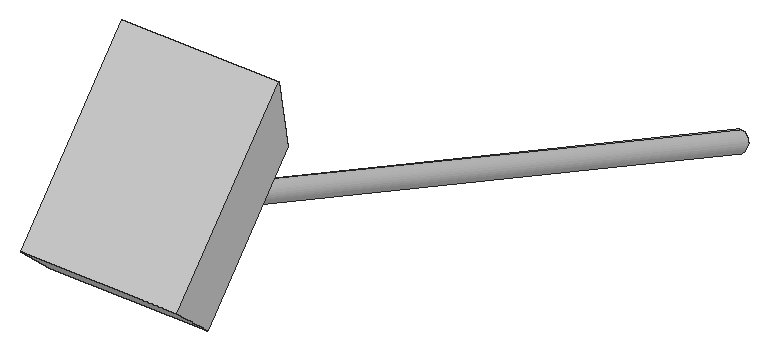
Revit family "GSM-SON-CSH-SoilNail-02", category Site, Revit 2020
Family settings
  Round Connector Dimension = Use Diameter
  Part Type = Normal
  Work Plane-Based = No
  Always vertical = Yes
  Cut with Voids When Loaded = No
  Shared = No
Parameters (values of type "Nail Head_800x800")
  Verification [instance] = ""
  Soil Nail Total Length [instance] = 4000 mm
  Soil Nail Material = Ribbed Reinforcement
  Soil Nail Inclination [instance] = 20.00°
  Soil Nail Head Material = Concrete Grade 30/20
  Soil Nail Dia [instance] = 50 mm
  OmniClassVersion [instance] = "National Standard - 2012-05-16"
  OmniClassTitle [instance] = "Earth Reinforcement Soil Nails"
  OmniClassCode [instance] = "23-11 11 13 11"
  Nail Head Vertical Cut Angle [instance] = 40.00°
  Nail Head to Pivot [instance] = (Nail Head Width * -1 - 50 mm - 82 mm) / cos(Nail Head Angle - Soil Nail Inclination)  # 125.573 mm
  Nail Head Angle [instance] = 40.00°
  Model Number [instance] = ""
  Material Grade [instance] = ""
  Manufacturer Name [instance] = ""
  Location [instance] = ""
  LOD-I [instance] = "300"
  LOD-G [instance] = "300"
  Hole Fill Material = Cement Grout
  Nail Head Width = -250 mm
  Nail Head Length = 800 mm
  Hole Dia [instance] = 100 mm
  Handover Date [instance] = ""
  Equipment Capacity [instance] = ""
  Design Capacity [instance] = ""
  Departmental Unique ID [instance] = ""
  Default Elevation = 0 mm
  Corrosion Protection Layer Material = Corrugated Sheath
  Corrosion Protection Dia.Outer [instance] = Corrosion Protection Dia. + 5 mm  # 75 mm
  Corrosion Protection Layer [instance] = no
  Corrosion Protection Dia. [instance] = Soil Nail Dia + 20 mm  # 70 mm
  Contract Number of the Equipment [instance] = ""
  Certified Completion Date [instance] = ""
  CAT Code [instance] = "GSM"
  Brand Name [instance] = ""
  Asset ID [instance] = ""
Types (4, lengths in mm): name | Nail Head Vertical Cut Angle | Nail Head Length
  (no name) | 40.00° | 800
  Nail Head_400x400 | 50.00° | 400
  Nail Head_600x600 | 70.00° | 600
  Nail Head_800x800 | 40.00° | 800
Reference planes
  plane 1 "Center (Front/Back)": y = 0
  plane 2: z = 0
  plane 3 "Center (Left/Right)": x = 0
Forms (mm)
  Extrusion 1, solid, material "Concrete Grade 30/20" <- "Soil Nail Head Material"
    sketch origin (0, 180.816, -95.657) x (1, 0, 0) y (0, -0.642788, -0.766044)
      loop
        line (400, -400) -> (400, 400) -> (-400, 400) -> (-400, -400) -> (400, -400)
    from 0 to -250 <- "Nail Head Width"
  Sweep 2, solid, material "Ribbed Reinforcement" <- "Soil Nail Material"
    path in 3D
      loop
        line (0, 0, 0) -> (0, 3758.77, -1368.081)
    profile origin (0, 1879.385, -684.04) x (0, 0.34202, 0.939693) y (1, 0, 0)
      loop
        circle (0, 0) r 25
  Sweep 3, solid, material "Cement Grout" <- "Hole Fill Material"
    path in 3D
      loop
        line (0, 135.364, -49.268) -> (0, 3805.755, -1385.182)
    profile origin (0, 1970.56, -717.225) x (0, 0.34202, 0.939693) y (1, 0, 0)
      loop
        circle (0, 0) r 50
      loop
        circle (0, 0) r 25
  Sweep 4, solid, material "Corrugated Sheath" <- "Corrosion Protection Layer Material", visible <- "Corrosion Protection Layer"
    path in 3D
      loop
        line (0, 135.364, -49.268) -> (0, 3805.755, -1385.182)
    profile origin (0, 1970.56, -717.225) x (0, 0.34202, 0.939693) y (1, 0, 0)
      loop
        circle (0, 0) r 37.5
      loop
        circle (0, 0) r 35
  Extrusion 5, solid, material "Concrete Grade 30/20" <- "Soil Nail Head Material"
    sketch origin (-400, -76.299, -402.075) x (0, 0.642788, 0.766044) y (0, 0.766044, -0.642788)
      loop
        line (800, -250) -> (1009.775, -250) -> (800, 0) -> (800, -250)
    from 0 to -800
Cuts and joins
  joined: Extrusion 1, Extrusion 5
Lines and regions (mm)
  reference lines
    curve 1: line (0, 0, 0) -> (0, 118, -42.948)
    curve 2: line (0, 118, -42.948) -> (0, 180.943, -42.948)
    curve 3: line (0, 118, -42.948) -> (0, 180.816, -95.657)
    curve 4: line (0, 0, 0) -> (0, 3758.77, -1368.081)
  sketch lines
    curve 5: line (0, 0, 0) -> (0, 3758.77, -1368.081)
    curve 6: line (0, 135.364, -49.268) -> (0, 3805.755, -1385.182)
    curve 7: line (0, 135.364, -49.268) -> (0, 3805.755, -1385.182)
Dimensions and locks
  "Nail Head to Pivot": curve 1 to curve 1
  "Nail Head Length": Extrusion 1 sketch curve to Extrusion 1 sketch curve  (x2)
  equal spacing: Extrusion 1 sketch curve, curve 3, Extrusion 1 sketch curve  (x2)
  "Soil Nail Total Length": curve 4 to curve 4
  Extrusion 1 to curve 4 = 50 mm
  "Soil Nail Dia": diameter of Sweep 2 sketch curve
  "Soil Nail Dia": diameter of Sweep 3 sketch curve
  "Hole Dia": diameter of Sweep 3 sketch curve
  "Corrosion Protection Dia.": diameter of Sweep 4 sketch curve
  "Corrosion Protection Dia.Outer": diameter of Sweep 4 sketch curve
  "Soil Nail Inclination": angle curve 1 to level
  "Nail Head Angle": angle curve 3 to curve 2
  "Soil Nail Inclination": angle curve 4 to level
  locked: Extrusion 5 sketch curve to Extrusion 1 (angle 90.00°)
  "Nail Head Vertical Cut Angle": angle Extrusion 1 to Extrusion 5 sketch curve
  aligned and locked: level to plane 2
  aligned and locked: Extrusion 1 to Extrusion 5
Automatic sketch dimensions
  curve 4 to level = 0 mm
  curve 4 to plane 1 "Center (Front/Back)" = 0 mm
  Sweep 2 sketch curve to profile plane = 0 mm  (x2)
  Sweep 3 sketch curve to Sweep 3 sketch curve = 0 mm  (x2)
  Sweep 3 sketch curve to profile plane = 0 mm  (x2)
  Sweep 4 sketch curve to Sweep 4 sketch curve = 0 mm  (x2)
  Sweep 4 sketch curve to profile plane = 0 mm  (x2)
  Extrusion 5 sketch curve to Extrusion 1 = 0 mm  (x3)
Nested families
  nested 1: "GSM-SON-CSH-SoilNailSymbol-02" at (0, 0, 0), type "GSM-SON-CSH-SoilNailSymbol-02"
Definition of nested family "GSM-SON-CSH-SoilNailSymbol-02"
  Reference planes
    plane 1: y = 0
    plane 2: x = 0
  Lines and regions (mm)
    detail lines
      curve 1: line (0.75, 0.75, 0) -> (0.75, -0.75, 0)
      curve 2: line (-0.75, 0.75, 0) -> (-0.75, -0.75, 0)
      curve 3: line (-0.75, 0.75, 0) -> (0.75, 0.75, 0)
      curve 4: line (-0.75, -0.75, 0) -> (0.75, -0.75, 0)
      curve 7: line (3.137, -0.75, 0) -> (3.137, 0.75, 0)
      curve 8: line (4.137, 0.75, 0) -> (4.137, -0.75, 0)
      curve 9: line (3.137, 0.75, 0) -> (4.137, -0.75, 0)
    reference lines
      curve 5: line (1.75, -0.75, 0) -> (1.75, 1.882, 0)
      curve 6: line (2.75, -0.972, 0) -> (2.75, 1.882, 0)
      curve 10: line (2.75, 0.75, 0) -> (1.4, 0.75, 0)
      curve 11: line (2.75, -0.75, 0) -> (1.511, -0.75, 0)
  Nested families
    nested 1: "Sign Pole 2D" at (2.259, -0.033, 0), type "Sign Pole 2D"
  Definition of nested family "Sign Pole 2D"
    Reference planes
      plane 1: y = 0
      plane 2: x = 0
    Lines and regions (mm)
      detail lines
        curve 1: arc (-0.409, 0.38, 0) -> (-0.004, 0.785, 0) -> (0.401, 0.38, 0) r 0.405
        curve 2: arc (0.396, -0.36, 0) -> (-0.028, -0.724, 0) -> (-0.413, -0.32, 0) r 0.405
        curve 3: arc (-0.409, 0.38, 0) -> (-0.402, 0.279, 0) -> (-0.38, 0.179, 0) r 0.707
        curve 4: arc (0.396, -0.36, 0) -> (0.394, -0.269, 0) -> (0.38, -0.179, 0) r 0.707
        curve 5: line (-0.38, 0.179, 0) -> (0.38, -0.179, 0)
